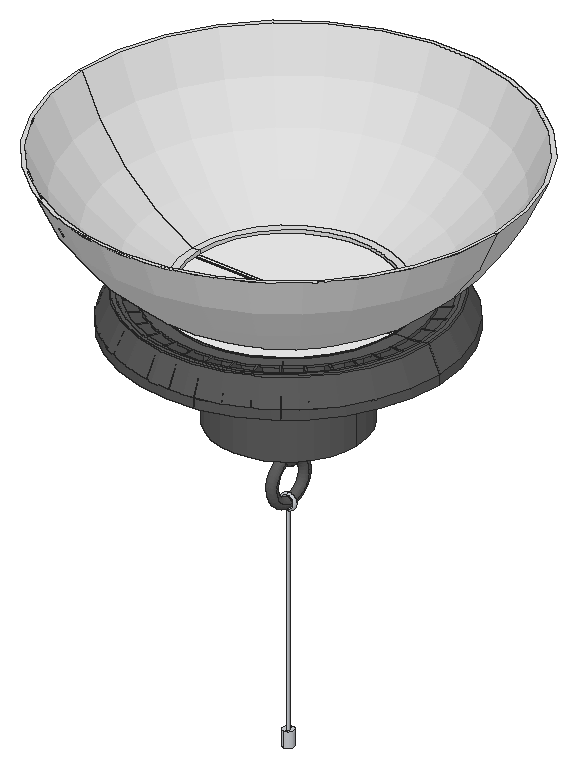
Revit family "0039345+0039356 Feilo Sylvania Lighting Fixture START HIGHBAY 4K 19KLM MEDIUM with ALU SHADE ALU COLOR FOR 13_19KLM", category Lighting Fixtures, host Face, Revit 2017
Family settings
  Host = Face
  Round Connector Dimension = Use Diameter
  Part Type = Normal
  OmniClass Number = 23.80.70.00
  OmniClass Title = Lighting
  Cut with Voids When Loaded = No
  Light Source = Yes
  Shared = No
  Room Calculation Point = No
Parameters (values of type "0039345+0039356 START HIGHBAY 4K 19KLM MEDIUM ALU SHADE ALU COLOR FOR 13/19KLM")
  WidthStraight_FEILO = if(SizeS_FEILO, 3 mm, if(SizeM_FEILO, 4 mm, 4.7 mm))  # 4 mm
  WidthRingChamfer_FEILO = if(SizeS_FEILO, 10.3 mm, if(SizeM_FEILO, 11.2 mm, 12.9 mm))  # 11.2 mm
  WidthCurved_FEILO = if(SizeS_FEILO, 17.4 mm, if(SizeM_FEILO, 16.4 mm, 26.2 mm))  # 16.4 mm
  WidthCurvedRing_FEILO = if(SizeS_FEILO, 3 mm, if(SizeM_FEILO, 4 mm, 4.7 mm))  # 4 mm
  WidthBracket_FEILO = 40 mm
  Weight = "3.4 kg"
  Wattage Comments = ""
  Wattage = 150 W
  WarrantyStartDate [instance] = "n/a"
  WarrantyGuarantorParts = "n/a"
  WarrantyDurationUnit = "n/a"
  WarrantyDurationParts = "n/a"
  WarrantyDescription = "n/a"
  built-in parameter 1150110 = 1 (stored number, unit not read)
  Voltage = 230 V
  VisibilityBracket_FEILO = no
  URL = "http://www.sylvania-lighting.com"
  TypeName = "START HIGHBAY 4K 19KLM MEDIUM ALU SHADE ALU COLOR FOR 13/19KLM"
  Type Image = <None>
  Type Comments = "n/a"
  built-in parameter 1114217 = 1 (stored number, unit not read)
  Tilt Angle = -90.00°
  ThicknessWall_FEILO = 1.5 mm
  ThicknessBracket_FEILO = 1.5 mm
  ThicknessBracketHalf_FEILO = ThicknessBracket_FEILO / 2  # 0.75 mm
  built-in parameter 1150109 = 1 (stored number, unit not read)
  built-in parameter 1150134 = 12
  SuspensionHeight_FEILO [instance] = 400 mm
  built-in parameter 1150113 = 1 (stored number, unit not read)
  SizeS_FEILO = no
  SizeM_FEILO = yes
  ShadeThickness_FEILO = 3 mm
  ShadeSizeSM_FEILO = or(SizeS_FEILO, SizeM_FEILO)  # yes
  ShadeRadiusOut_FEILO = 205 mm
  ShadeRadiusIn_FEILO = if(ShadeSizeSM_FEILO, 95 mm, 121 mm)  # 95 mm
  ShadeRadiusBend_FEILO = if(ShadeSizeSM_FEILO, 210 mm, 210 mm)  # 210 mm
  ShadeHeight_FEILO = if(ShadeSizeSM_FEILO, 120 mm, 151 mm)  # 120 mm
  SerialNumber [instance] = "n/a"
  Rib4_FEILO = if(SizeS_FEILO, 18.1 mm, if(SizeM_FEILO, 13.6 mm, 14.6 mm))  # 13.6 mm
  Rib3_FEILO = if(SizeS_FEILO, 15.3 mm, if(SizeM_FEILO, 17.6 mm, 20.2 mm))  # 17.6 mm
  Rib2_FEILO = if(SizeS_FEILO, 3.6 mm, if(SizeM_FEILO, 3.9 mm, 4.5 mm))  # 3.9 mm
  Rib1_FEILO = if(SizeS_FEILO, 15.1 mm, if(SizeM_FEILO, 16.5 mm, 19 mm))  # 16.5 mm
  RadiusDiffuser_FEILO = if(SizeS_FEILO, 95.2 mm, if(SizeM_FEILO, 105.3 mm, 120 mm))  # 105.3 mm
  RadiusArrayPost_FEILO = DriverRadius_FEILO - 6 mm  # 61.2 mm
  RHRadius3_FEILO = if(SizeS_FEILO, 6.6 mm, if(SizeM_FEILO, 7.4 mm, 8.6 mm))  # 7.4 mm
  RHRadius2_FEILO = if(SizeS_FEILO, 11 mm, if(SizeM_FEILO, 12 mm, 14 mm))  # 12 mm
  RHRadius1_FEILO = if(SizeS_FEILO, 13.6 mm, if(SizeM_FEILO, 14.9 mm, 17.7 mm))  # 14.9 mm
  RHHeight4_FEILO = if(SizeS_FEILO, 7.3 mm, if(SizeM_FEILO, 8 mm, 9.2 mm))  # 8 mm
  RHHeight3_FEILO = if(SizeS_FEILO, 3.6 mm, if(SizeM_FEILO, 3.7 mm, 4.6 mm))  # 3.7 mm
  RHHeight2_FEILO = if(SizeS_FEILO, 2 mm, if(SizeM_FEILO, 2.2 mm, 2.6 mm))  # 2.2 mm
  RHHeight1_FEILO = if(SizeS_FEILO, 11.8 mm, if(SizeM_FEILO, 15.3 mm, 17.4 mm))  # 15.3 mm
  Photometric Web File = "0039345+0039356.ies"
  Material_5_FEILO = Shade-Sylvania-StartHighbay-Alu
  Material_3_FEILO = LED-Sylvania-StartHighbay-Glow
  PowerFactor = 0.95
  PowerConsumption = "150 W"
  NominalLength = 296 mm
  NominalHeight = 177 mm
  NominalDepth = 296 mm
  Name = "START HIGHBAY 4K 19KLM MEDIUM ALU SHADE ALU COLOR FOR 13/19KLM"
  ModelReference = Name  # "START HIGHBAY 4K 19KLM MEDIUM ALU SHADE ALU COLOR FOR 13/19KLM"
  ModelNumber = "0039345+0039356"
  Model = Name  # "START HIGHBAY 4K 19KLM MEDIUM ALU SHADE ALU COLOR FOR 13/19KLM"
  Material = "aluminium alloy housing, polycarbonate diffuser"
  ManufacturerName = "Feilo Sylvania"
  Manufacturer = "Feilo Sylvania"
  LuminousEfficacy = "130 lm/W"
  built-in parameter 1150105 = 26502 (stored number, unit not read)
  Lumens = 19500 lm
  LuminaireType = ""
  built-in parameter 1150115 = 1 (stored number, unit not read)
  LightOutputRatio = "n/a"
  built-in parameter 1150137 = (empty or 0)
  built-in parameter 1150139 = (empty or 0)
  LampsType = Lamp  # "LED"
  LampNominalLuminous = "19500 lm"
  LampMacAdamStep = "n/a"
  LampColourTemperature = "4000 K"
  LampColourRenderingIndex = "80"
  built-in parameter 1150112 = 1 (stored number, unit not read)
  built-in parameter 1150114 = 1 (stored number, unit not read)
  Lamp = "LED"
  Keynote = "16500"
  InstallationDate [instance] = "n/a"
  InputVoltage = "220-240V~"
  InputNominalFrequency = "50/60 Hz"
  built-in parameter 1150132 = (empty or 0)
  built-in parameter 1150102 = (empty or 0)
  built-in parameter 1150107 = 4000 (stored number, unit not read)
  built-in parameter 1150138 = (empty or 0)
  IngressProtection = "IP65"
  ImpactProtectionIndex = "IK08"
  built-in parameter 1150106 = 265.02 (stored number, unit not read)
  IfcExportType = "IfcLightFixtureType"
  IfcExportAs = "IfcLightFixtureType"
  HeightRing_FEILO = if(SizeS_FEILO, 19.8 mm, if(SizeM_FEILO, 32 mm, 36.8 mm))  # 32 mm
  HeightRingChamfer_FEILO = if(SizeS_FEILO, 11.7 mm, if(SizeM_FEILO, 23.2 mm, 26.6 mm))  # 23.2 mm
  EyeThickness_FEILO = if(SizeS_FEILO, 8.4 mm, if(SizeM_FEILO, 9.2 mm, 10.5 mm))  # 9.2 mm
  EyeThicknessHalf_FEILO = EyeThickness_FEILO / 2  # 4.6 mm
  EyeInner_FEILO = if(SizeS_FEILO, 13.8 mm, if(SizeM_FEILO, 15.1 mm, 17.3 mm))  # 15.1 mm
  ExpectedLife = 50000
  Emit from Circle Diameter = RadiusDiffuser_FEILO * 2  # 210.6 mm
  Emit Shape Visible in Rendering = no
  ElectricShockClassification = "Class I"
  built-in parameter 1150104 = 12.077 (stored number, unit not read)
  DurationUnit = "hours"
  DriverVerticalStraight_FEILO = if(SizeS_FEILO, 46.5 mm, if(SizeM_FEILO, 49.7 mm, 57 mm))  # 49.7 mm
  DriverVerticalChamfer_FEILO = if(SizeS_FEILO, 7.5 mm, if(SizeM_FEILO, 8.2 mm, 9.5 mm))  # 8.2 mm
  DriverRadius_FEILO = if(SizeS_FEILO, 61.4 mm, if(SizeM_FEILO, 67.2 mm, 76.4 mm))  # 67.2 mm
  DriverRadiusTop_FEILO = if(SizeS_FEILO, 42 mm, if(SizeM_FEILO, 45.3 mm, 52.4 mm))  # 45.3 mm
  DriverBottom_FEILO = if(SizeS_FEILO, 56 mm, if(SizeM_FEILO, 64.5 mm, 74 mm))  # 64.5 mm
  DocumentationLiterature = "http://www.sylvania-lighting.com/product/en-int/products/0039345"
  DimmingControlOptions = "n/a"
  Material_2_FEILO = Diffuser-Sylvania-StartHighbay-Transparent
  Radius_FEILO = if(SizeS_FEILO, 135 mm, if(SizeM_FEILO, 148 mm, 169.5 mm))  # 148 mm
  Dimming Lamp Color Temperature Shift = <None>
  DiameterWire_FEILO = 3 mm
  DiameterWireSupport_FEILO = 10 mm
  Description = "START HIGHBAY, includes 1 m cables, black aluminium housing, 19500LM, 150W, 130lm/W, 4000K, Driver current: 3210mA, CR80, 60° beam angle, 1-10V dimmable,  IP65, IK08, 50,000 hrs (L70B50), (LxWxH) 296x296x177mm"
  Default Elevation = 1219.2 mm
  CreatedOn = "2/28/2018"
  CreatedBy = ""
  Cost = 0
  Color Filter = 16777215
  built-in parameter 1114216 [instance] = (empty or 0)
  ClassificationValue = "EF_70_80"
  ClassificationName = "Uniclass2015"
  Material_1_FEILO = Body-Sylvania-StartHighbay-Black
  BarCode [instance] = "n/a"
  built-in parameter 1114218 = 1 (stored number, unit not read)
  built-in parameter 1150133 = 10 (stored number, unit not read)
  AssetType = "Fixed"
  AssetIdentifier [instance] = "n/a"
  Assembly Code = "D5020200"
  Apparent Load = 150 VA
  Material_4_FEILO = Shade-Sylvania-StartHighbay-Alu
Reference planes
  plane 1 "Center (Front/Back)": y = 0
  plane 2: z = 0
  plane 3 "Center (Left/Right)": x = 0
  plane 4: z = 400
  plane 5: x = -148
  plane 6: x = -136.8
  plane 7: z = 376.8
  plane 8: z = 368
  plane 9: x = -132.8
  plane 10: z = 397.375
  plane 11: x = -116.4
  plane 12: x = -105.3
  plane 13: x = -128.8
  plane 14: z = 398.375
  plane 15: z = 396.375
  plane 16: x = -102.3
  plane 17: z = 395.375
  plane 18: x = -146.5
  plane 19: x = -131.5
  plane 20: z = 364.1
  plane 21: x = -113.9
  plane 22: z = 350.5
  plane 23: x = -20
  plane 24: z = 335.5
  plane 25: x = -67.2
  plane 26: z = 285.8
  plane 27: x = -45.3
  plane 28: z = 277.6
  plane 29: x = -14.9
  plane 30: z = 262.3
  plane 31: z = 260.1
  plane 32: x = -12
  plane 33: z = 256.4
  plane 34: z = 248.4
  plane 35: x = -7.4
  plane 36: z = 233.3
  plane 37: z = 218.2
  plane 38: x = 4.6
  plane 39: x = -4.6
  plane 40: z = 209
  plane 41: z = 213.6
  plane 42: x = -141.65
  plane 43: x = -145.5
  plane 44: z = 366.5
  plane 45: x = -135.3
  plane 46: z = 310.65
  plane 47: y = -20
  plane 48: y = 20
  plane 49: x = 148
  plane 50: x = 136.8
  plane 51: x = 146.5
  plane 52: x = 141.65
  plane 53: x = 145.5
  plane 54: x = 135.3
  plane 55: z = 221.2
  plane 56: y = 1.5
  plane 57: y = -1.5
  plane 58: z = 219.7
  plane 59: z = 207.5
  plane 60: z = 206
  plane 61: y = -5
  plane 62: y = 5
  plane 63: z = 14
  plane 64: x = -205
  plane 65: z = 520
  plane 66: x = -95
  plane 67: x = -87
  plane 68: x = -202
  plane 69: z = 403
Forms (mm)
  Revolve 1, solid, material "Body-Sylvania-StartHighbay-Black" <- "Material_1_FEILO", detail levels medium+fine
    sketch origin (0, 0, 0) x (1, 0, 0) y (0, 0, 1)
      loop
        line (-148, 368) -> (-146.5, 368) -> (-146.5, 376.457) -> (-136.402, 397.375) -> (-128.8, 397.375) -> (-128.8, 398.859)
        arc (-128.8, 398.859) -> (-130.811, 399.39) -> (-132.8, 400) r 52.543
        line (-132.8, 400) -> (-136.341, 400)
        arc (-136.341, 400) -> (-136.831, 399.825) -> (-137.099, 399.38) r 0.774
        line (-137.099, 399.38) -> (-148, 376.8) -> (-148, 368)
      axis (0, 400) -> (0, 368)
    angle from 360 to 0
  Revolve 2, solid, material "Body-Sylvania-StartHighbay-Black" <- "Material_1_FEILO", detail levels medium+fine
    sketch origin (0, 0, 0) x (1, 0, 0) y (0, 0, 1)
      loop
        line (-116.4, 395.375) -> (-105.3, 395.375) -> (-105.3, 376.8) -> (0, 376.8) -> (0, 395.375) -> (-102.3, 395.375) -> (-102.3, 396.375) -> (-105.3, 396.375) -> (-105.3, 397.375) -> (-116.4, 397.375) -> (-116.4, 395.375)
      axis (0, 397.375) -> (0, 376.8)
    angle from 360 to 0
  Revolve 3, solid, material "Diffuser-Sylvania-StartHighbay-Transparent" <- "Material_2_FEILO", detail levels medium+fine
    sketch origin (0, 0, 0) x (1, 0, 0) y (0, 0, 1)
      loop
        line (-105.3, 396.375) -> (0, 396.375) -> (0, 398.375) -> (-105.3, 398.375) -> (-105.3, 396.375)
      axis (0, 398.375) -> (0, 396.375)
    angle from 360 to 0
  Revolve 4, solid, material "Body-Sylvania-StartHighbay-Black" <- "Material_1_FEILO"
    sketch origin (0, 0, 0) x (1, 0, 0) y (0, 0, 1)
      loop
        line (-67.2, 350.5) -> (-67.2, 285.8) -> (-45.3, 277.6) -> (-14.9, 277.6) -> (-14.9, 262.3) -> (-12, 260.1) -> (-12, 256.4) -> (-7.837, 249.126)
        arc (-7.837, 249.126) -> (-7.29, 248.594) -> (-6.553, 248.4) r 1.5
        line (-6.553, 248.4) -> (0, 248.4) -> (0, 350.5) -> (-67.2, 350.5)
      axis (0, 350.5) -> (0, 248.4)
    angle from 360 to 0
  Revolve 5, solid, material "Body-Sylvania-StartHighbay-Black" <- "Material_1_FEILO"
    sketch origin (0, 0, 0) x (1, 0, 0) y (0, 0, 1)
      loop
        circle (0, 213.6) r 4.6
      axis (4.6, 233.3) -> (-4.6, 233.3)
    angle from 360 to 0
  Extrusion 6, solid, material "Body-Sylvania-StartHighbay-Black" <- "Material_1_FEILO", visible <- "VisibilityBracket_FEILO"
    sketch origin (0, 0, 0) x (1, 0, 0) y (0, 0, 1)
      loop
        line (-145.5, 368) -> (-145.5, 366.5) -> (-137.55, 366.5)
        arc (-137.55, 366.5) -> (-137.02, 366.28) -> (-136.8, 365.75) r 0.75
        line (-136.8, 365.75) -> (-136.8, 310.65) -> (-135.3, 310.65) -> (-135.3, 366.5)
        arc (-135.3, 366.5) -> (-135.739, 367.561) -> (-136.8, 368) r 1.5
        line (-136.8, 368) -> (-145.5, 368)
      loop
        line (145.5, 368) -> (136.8, 368)
        arc (136.8, 368) -> (135.739, 367.561) -> (135.3, 366.5) r 1.5
        line (135.3, 366.5) -> (135.3, 310.65) -> (136.8, 310.65) -> (136.8, 365.75)
        arc (136.8, 365.75) -> (137.02, 366.28) -> (137.55, 366.5) r 0.75
        line (137.55, 366.5) -> (145.5, 366.5) -> (145.5, 368)
    from -20 to 20
  Extrusion 7, void
    sketch origin (0, 0, 0) x (0, 1, 0) y (0, 0, 1)
      loop
        arc (-10, 310.65) -> (-17.071, 313.579) -> (-20, 320.65) r 10
        line (-20, 320.65) -> (-25, 320.65) -> (-25, 305.65) -> (-10, 305.65) -> (-10, 310.65)
      loop
        line (10, 310.65) -> (10, 305.65) -> (25, 305.65) -> (25, 320.65) -> (20, 320.65)
        arc (20, 320.65) -> (17.071, 313.579) -> (10, 310.65) r 10
    from -136.8 to 136.8
  Revolve 8, solid, material "Body-Sylvania-StartHighbay-Black" <- "Material_1_FEILO", detail levels coarse
    sketch origin (0, 0, 0) x (1, 0, 0) y (0, 0, 1)
      loop
        line (0, 400) -> (-136.8, 400) -> (-148, 376.8) -> (-148, 368) -> (-131.5, 368) -> (-131.5, 364.1) -> (-113.9, 350.5) -> (0, 350.5) -> (0, 400)
      axis (0, 400) -> (0, 350.5)
    angle from 360 to 0
  Revolve 9, solid
    sketch origin (0, 0, 0) x (0, 1, 0) y (0, 0, 1)
      loop
        circle (0, 219.7) r 1.5
      axis (1.5, 213.6) -> (-1.5, 213.6)
    angle from 360 to 0
  Revolve 10, solid
    sketch origin (0, 0, 0) x (0, 1, 0) y (0, 0, 1)
      loop
        line (0, 0) -> (0, 207.5) -> (-1.5, 207.5) -> (-1.5, 14) -> (-5, 14) -> (-5, 0) -> (0, 0)
      axis (0, 0) -> (0, 207.5)
    angle from 360 to 0
  Revolve 11, solid, material "Shade-Sylvania-StartHighbay-Alu" <- "Material_4_FEILO"
    sketch origin (0, 0, 0) x (1, 0, 0) y (0, 0, 1)
      loop
        line (-95, 400) -> (-87, 400) -> (-87, 403) -> (-94.341, 403)
        arc (-94.341, 403) -> (-159.747, 450.78) -> (-201.81, 520) r 207
        line (-201.81, 520) -> (-205, 520)
        arc (-205, 520) -> (-162.101, 448.908) -> (-95, 400) r 210
      axis (0, 520) -> (0, 400)
    angle from 360 to 0
Cuts and joins
  Extrusion 7 cuts Extrusion 6
Lines and regions (mm)
  reference lines
    curve 1: line (-148, 0, 376.8) -> (-136.8, 0, 400)
    curve 2: line (-116.4, 0, 397.375) -> (0, 0, 397.375)
    curve 3: arc (-116.4, 0, 397.375) -> (-124.704, 0, 398.035) -> (-132.8, 0, 400) r 52.543
    curve 4: line (-136.8, 0, 400) -> (-132.8, 0, 400)
    curve 5: line (-136.402, 0, 397.375) -> (-146.5, 0, 376.457)
    curve 6: line (-131.5, 0, 364.1) -> (-113.9, 0, 350.5)
    curve 7: line (-12, 0, 256.4) -> (-7.4, 0, 248.4)
    curve 8: circle (0, 0, 213.6) r 4.6 normal (0, -1, 0)
    curve 9: arc (-95, 0, 400) -> (-162.101, 0, 448.908) -> (-205, 0, 520) r 210
Dimensions and locks
  "Radius_FEILO": plane 3 "Center (Left/Right)" to plane 5
  "WidthRingChamfer_FEILO": plane 6 to plane 5
  "WidthStraight_FEILO": plane 9 to plane 6
  "WidthCurvedRing_FEILO": plane 13 to plane 9
  locked: plane 10 to plane 15 at 1
  locked: plane 14 to plane 10 at 1
  locked: plane 4 to plane 10 at 2.625
  locked: plane 15 to plane 17 at 1
  "ThicknessWall_FEILO": plane 18 to plane 5
  "ThicknessWall_FEILO": curve 5 to curve 1
  "HeightRingChamfer_FEILO": plane 4 to plane 7
  "HeightRing_FEILO": plane 4 to plane 8
  "RadiusDiffuser_FEILO": plane 3 "Center (Left/Right)" to plane 12
  locked: plane 16 to plane 12 at 3
  "WidthCurved_FEILO": plane 11 to plane 9
  "SuspensionHeight_FEILO": plane 4 to plane 2
  "Rib1_FEILO": plane 19 to plane 5
  "Rib2_FEILO": plane 8 to plane 20
  "Rib3_FEILO": plane 21 to plane 19
  "Rib4_FEILO": plane 20 to plane 22
  locked: plane 3 "Center (Left/Right)" to plane 23 at 20
  "DriverBottom_FEILO": plane 4 to plane 24
  "DriverRadius_FEILO": plane 3 "Center (Left/Right)" to plane 25
  "DriverVerticalStraight_FEILO": plane 24 to plane 26
  "DriverRadiusTop_FEILO": plane 3 "Center (Left/Right)" to plane 27
  "DriverVerticalChamfer_FEILO": plane 26 to plane 28
  "RHRadius1_FEILO": plane 3 "Center (Left/Right)" to plane 29
  "RHHeight2_FEILO": plane 30 to plane 31
  "RHRadius2_FEILO": plane 3 "Center (Left/Right)" to plane 32
  "RHHeight3_FEILO": plane 31 to plane 33
  "RHHeight4_FEILO": plane 33 to plane 34
  "RHRadius3_FEILO": plane 3 "Center (Left/Right)" to plane 35
  "RHHeight1_FEILO": plane 28 to plane 30
  "EyeInner_FEILO": plane 34 to plane 36
  "EyeInner_FEILO": plane 36 to plane 37
  equal spacing: plane 38, plane 3 "Center (Left/Right)", plane 39
  "EyeThickness_FEILO": plane 38 to plane 39
  "EyeThickness_FEILO": plane 37 to plane 40
  equal spacing: plane 37, plane 41, plane 40
  equal spacing: plane 6, plane 42, plane 18
  "ThicknessBracket_FEILO": plane 45 to plane 6
  "ThicknessBracket_FEILO": plane 8 to plane 44
  locked: plane 43 to plane 18 at 1
  equal spacing: plane 24, plane 46, plane 26
  equal spacing: plane 47, plane 1 "Center (Front/Back)", plane 48
  "WidthBracket_FEILO": plane 47 to plane 48
  "WidthRingChamfer_FEILO": plane 50 to plane 49
  "ThicknessWall_FEILO": plane 51 to plane 49
  equal spacing: plane 50, plane 52, plane 51
  "ThicknessBracket_FEILO": plane 54 to plane 50
  locked: plane 53 to plane 51 at 1
  "Radius_FEILO": plane 49 to plane 3 "Center (Left/Right)"
  equal spacing: plane 57, imposter light, plane 56
  "DiameterWire_FEILO": plane 57 to plane 56
  "DiameterWire_FEILO": plane 37 to plane 55
  equal spacing: plane 37, plane 58, plane 55
  "DiameterWire_FEILO": plane 60 to plane 40
  equal spacing: plane 60, plane 59, plane 40
  equal spacing: plane 61, plane 1 "Center (Front/Back)", plane 62
  "DiameterWireSupport_FEILO": plane 61 to plane 62
  locked: plane 63 to plane 2 at 14
  "ShadeRadiusOut_FEILO": plane 3 "Center (Left/Right)" to plane 64
  "ShadeHeight_FEILO": plane 65 to plane 4
  "ShadeRadiusIn_FEILO": plane 3 "Center (Left/Right)" to plane 66
  locked: plane 67 to plane 66 at 8
  "ShadeThickness_FEILO": plane 69 to plane 4
  "ShadeThickness_FEILO": plane 68 to plane 64
  "EyeThicknessHalf_FEILO": radius of curve 8
  "ThicknessBracket_FEILO": radius of Extrusion 6 sketch curve  (x2)
  "ThicknessBracketHalf_FEILO": radius of Extrusion 6 sketch curve  (x2)
  "DiameterWire_FEILO": diameter of Revolve 9 sketch curve
  "ShadeRadiusBend_FEILO": radius of curve 9
  aligned and locked: plane 2 to host face
  aligned and locked: level to host face
  aligned and locked: plane 5 to curve 1
  aligned and locked: plane 6 to curve 1
  aligned and locked: plane 7 to curve 1
  aligned and locked: plane 10 to curve 2
  aligned and locked: plane 9 to curve 3
  aligned and locked: plane 4 to curve 3
  aligned and locked: plane 11 to curve 3
  aligned and locked: plane 4 to curve 4
  aligned and locked: plane 18 to curve 5
  aligned and locked: plane 10 to curve 5
  aligned and locked: Revolve 1 sketch curve to plane 3 "Center (Left/Right)"
  aligned and locked: Revolve 1 sketch curve to curve 3
  aligned and locked: Revolve 1 sketch curve to curve 1
  aligned and locked: plane 4 to Revolve 1 sketch curve
  aligned and locked: plane 9 to Revolve 1 sketch curve
  aligned and locked: Revolve 1 sketch curve to plane 13
  aligned and locked: Revolve 1 sketch curve to plane 10
  aligned and locked: plane 13 to Revolve 1 sketch curve
  aligned and locked: plane 10 to Revolve 1 sketch curve
  aligned and locked: Revolve 1 sketch curve to plane 18
  aligned and locked: Revolve 1 sketch curve to plane 8
  aligned and locked: plane 5 to Revolve 1 sketch curve  (x2)
  aligned and locked: Revolve 2 sketch curve to plane 3 "Center (Left/Right)"
  aligned and locked: plane 11 to Revolve 2 sketch curve
  aligned and locked: Revolve 2 sketch curve to curve 2
  aligned and locked: plane 15 to Revolve 2 sketch curve
  aligned and locked: Revolve 2 sketch curve to plane 16
  aligned and locked: plane 17 to Revolve 2 sketch curve  (x2)
  aligned and locked: Revolve 2 sketch curve to plane 12
  aligned and locked: plane 7 to Revolve 2 sketch curve
  aligned and locked: Revolve 3 sketch curve to plane 3 "Center (Left/Right)"
  aligned and locked: Revolve 3 sketch curve to plane 14
  aligned and locked: plane 3 "Center (Left/Right)" to Revolve 3 sketch curve
  aligned and locked: Revolve 3 sketch curve to plane 12
  aligned and locked: plane 15 to Revolve 3 sketch curve
  aligned and locked: Revolve 1 sketch curve to curve 5
  aligned and locked: plane 22 to curve 6
  aligned and locked: plane 21 to curve 6
  aligned and locked: plane 20 to curve 6
  aligned and locked: plane 19 to curve 6
  aligned and locked: plane 33 to curve 7
  aligned and locked: plane 32 to curve 7
  aligned and locked: plane 35 to curve 7
  aligned and locked: plane 34 to curve 7
  aligned and locked: Revolve 4 sketch curve to plane 3 "Center (Left/Right)"
  aligned and locked: Revolve 4 sketch curve to plane 25
  aligned and locked: plane 27 to Revolve 4 sketch curve
  aligned and locked: plane 28 to Revolve 4 sketch curve
  aligned and locked: plane 30 to Revolve 4 sketch curve
  aligned and locked: Revolve 4 sketch curve to plane 29
  aligned and locked: plane 31 to Revolve 4 sketch curve
  aligned and locked: Revolve 4 sketch curve to curve 7
  aligned and locked: Revolve 4 sketch curve to plane 32
  aligned and locked: plane 34 to Revolve 4 sketch curve
  aligned and locked: plane 3 "Center (Left/Right)" to Revolve 4 sketch curve
  aligned and locked: plane 3 "Center (Left/Right)" to curve 8
  aligned and locked: plane 41 to curve 8
  aligned and locked: Revolve 5 sketch curve to plane 36
  aligned and locked: Revolve 5 sketch curve to curve 8
  aligned and locked: plane 43 to Extrusion 6 sketch curve  (x2)
  aligned and locked: plane 8 to Extrusion 6 sketch curve  (x3)
  aligned and locked: Extrusion 6 sketch curve to plane 45
  aligned and locked: Extrusion 6 sketch curve to plane 46  (x2)
  aligned and locked: plane 6 to Extrusion 6 sketch curve
  aligned and locked: Extrusion 6 sketch curve to plane 44  (x2)
  aligned and locked: Extrusion 6 to plane 48
  aligned and locked: plane 47 to Extrusion 6
  aligned and locked: plane 53 to Extrusion 6 sketch curve
  aligned and locked: plane 50 to Extrusion 6 sketch curve
  aligned and locked: Extrusion 6 sketch curve to plane 54
  aligned and locked: Extrusion 7 sketch curve to Extrusion 7 sketch curve
  aligned and locked: Extrusion 7 to plane 6
  aligned and locked: Extrusion 7 to Extrusion 6
  aligned and locked: Revolve 4 sketch curve to plane 22
  aligned and locked: plane 23 to nested 1
  aligned and locked: plane 1 "Center (Front/Back)" to nested 1
  aligned and locked: Revolve 8 sketch curve to plane 3 "Center (Left/Right)"
  aligned and locked: Revolve 8 sketch curve to plane 4
  aligned and locked: plane 6 to Revolve 8 sketch curve
  aligned and locked: plane 4 to Revolve 8 sketch curve
  aligned and locked: plane 7 to Revolve 8 sketch curve
  aligned and locked: Revolve 8 sketch curve to plane 5
  aligned and locked: plane 8 to Revolve 8 sketch curve  (x2)
  aligned and locked: Revolve 8 sketch curve to plane 19
  aligned and locked: plane 20 to Revolve 8 sketch curve
  aligned and locked: plane 19 to Revolve 8 sketch curve
  aligned and locked: plane 21 to Revolve 8 sketch curve
  aligned and locked: plane 22 to Revolve 8 sketch curve  (x2)
  aligned and locked: Revolve 8 sketch curve to Revolve 8 sketch curve
  aligned and locked: imposter light to plane 4
  aligned and locked: plane 3 "Center (Left/Right)" to imposter light
  aligned and locked: imposter light to plane 1 "Center (Front/Back)"
  aligned and locked: Revolve 9 sketch curve to plane 41
  aligned and locked: Revolve 10 sketch curve to plane 1 "Center (Front/Back)"
  aligned and locked: plane 1 "Center (Front/Back)" to Revolve 10 sketch curve  (x2)
  aligned and locked: host face to Revolve 10 sketch curve
  aligned and locked: plane 63 to Revolve 10 sketch curve
  aligned and locked: Revolve 10 sketch curve to plane 61
  aligned and locked: Revolve 10 sketch curve to plane 57
  aligned and locked: plane 59 to Revolve 10 sketch curve
  aligned and locked: plane 64 to curve 9
  aligned and locked: plane 65 to curve 9
  aligned and locked: plane 66 to curve 9
  aligned and locked: plane 4 to curve 9
  aligned and locked: Revolve 11 sketch curve to curve 9
  aligned and locked: plane 67 to Revolve 11 sketch curve
  aligned and locked: plane 66 to Revolve 11 sketch curve
  aligned and locked: plane 65 to Revolve 11 sketch curve  (x2)
  aligned and locked: Revolve 11 sketch curve to plane 67
  aligned and locked: plane 69 to Revolve 11 sketch curve
Automatic sketch dimensions
  host sketch curve to host sketch curve = 2438.4 mm  (x2)
  Revolve 1 sketch curve to plane 6 = 0.299 mm
  plane 6 to Revolve 1 sketch curve = 0.459 mm
  Revolve 1 sketch curve to level = 609.6 mm
  Revolve 1 sketch curve to Revolve 1 sketch curve = 2312.223 mm
  Revolve 2 sketch curve to plane 12 = 0 mm
  Revolve 2 sketch curve to plane 3 "Center (Left/Right)" = 0 mm
  Revolve 2 sketch curve to level = 609.6 mm
  Revolve 2 sketch curve to plane 4 = 2339.058 mm
  Revolve 3 sketch curve to level = 609.6 mm
  Revolve 3 sketch curve to plane 4 = 2339.058 mm
  Revolve 5 sketch curve to plane 5 = 1080 mm
  plane 38 to Revolve 5 sketch curve = 1219.2 mm
  Extrusion 7 sketch curve to plane 47 = 0 mm
  plane 46 to Extrusion 7 sketch curve = 0 mm  (x2)
  Extrusion 7 sketch curve to plane 48 = 0 mm
  plane 47 to Extrusion 7 sketch curve = 5 mm
  plane 1 "Center (Front/Back)" to Extrusion 7 sketch curve = 10 mm
  Extrusion 7 sketch curve to Extrusion 7 sketch curve = 10 mm
  plane 46 to Extrusion 7 sketch curve = 5 mm
  Extrusion 7 sketch curve to Extrusion 7 sketch curve = 5 mm
  Extrusion 7 sketch curve to plane 48 = 5 mm
  Revolve 4 sketch curve to plane 26 = 0 mm
  Revolve 4 sketch curve to plane 35 = 0.437 mm
  plane 35 to Revolve 4 sketch curve = 0.847 mm
  Revolve 4 sketch curve to plane 34 = 0.726 mm
  plane 40 to Revolve 4 sketch curve = 590.2 mm
  Revolve 4 sketch curve to plane 4 = 2339.058 mm
  Revolve 8 sketch curve to level = 609.6 mm
  Revolve 8 sketch curve to Revolve 8 sketch curve = 2386.058 mm
  Revolve 9 sketch curve to plane 1 "Center (Front/Back)" = 0 mm
  plane 58 to Revolve 9 sketch curve = 0 mm
  plane 47 to Revolve 9 sketch curve = 2534.941 mm
  Revolve 9 sketch curve to plane 48 = 2077.409 mm
  Revolve 10 sketch curve to Revolve 10 sketch curve = 609.6 mm
  Revolve 10 sketch curve to plane 4 = 2123.807 mm
  curve 2 to plane 3 "Center (Left/Right)" = 0 mm
  Revolve 11 sketch curve to Revolve 11 sketch curve = 0 mm  (x2)
  Revolve 11 sketch curve to plane 3 "Center (Left/Right)" = 0 mm
  plane 66 to Revolve 11 sketch curve = 0.659 mm
  Revolve 11 sketch curve to level = 609.6 mm
  Revolve 11 sketch curve to Revolve 11 sketch curve = 2068.248 mm
Nested families
  nested 1: "Start Highbay Rib" at (0, 0, 397.375), type "Type Name", detail levels medium+fine
    with SuspensionHeight_FEILO 2.6 mm
  nested 2: "Start Highbay Rib" at (0, 0, 397.375) x (0.9877, 0.1564, 0) z (0, 0, 1), type "Type Name", detail levels medium+fine
    with SuspensionHeight_FEILO 2.6 mm
  nested 3: "Start Highbay Rib" at (0, 0, 397.375) x (0.9511, 0.309, 0) z (0, 0, 1), type "Type Name", detail levels medium+fine
    with SuspensionHeight_FEILO 2.6 mm
  nested 4: "Start Highbay Rib" at (0, 0, 397.375) x (0.891, 0.454, 0) z (0, 0, 1), type "Type Name", detail levels medium+fine
    with SuspensionHeight_FEILO 2.6 mm
  nested 5: "Start Highbay Rib" at (0, 0, 397.375) x (0.809, 0.5878, 0) z (0, 0, 1), type "Type Name", detail levels medium+fine
    with SuspensionHeight_FEILO 2.6 mm
  nested 6: "Start Highbay Rib" at (0, 0, 397.375) x (0.7071, 0.7071, 0) z (0, 0, 1), type "Type Name", detail levels medium+fine
    with SuspensionHeight_FEILO 2.6 mm
  nested 7: "Start Highbay Rib" at (0, 0, 397.375) x (0.5878, 0.809, 0) z (0, 0, 1), type "Type Name", detail levels medium+fine
    with SuspensionHeight_FEILO 2.6 mm
  nested 8: "Start Highbay Rib" at (0, 0, 397.375) x (0.454, 0.891, 0) z (0, 0, 1), type "Type Name", detail levels medium+fine
    with SuspensionHeight_FEILO 2.6 mm
  nested 9: "Start Highbay Rib" at (0, 0, 397.375) x (0.309, 0.9511, 0) z (0, 0, 1), type "Type Name", detail levels medium+fine
    with SuspensionHeight_FEILO 2.6 mm
  nested 10: "Start Highbay Rib" at (0, 0, 397.375) x (0.1564, 0.9877, 0) z (0, 0, 1), type "Type Name", detail levels medium+fine
    with SuspensionHeight_FEILO 2.6 mm
  nested 11: "Start Highbay Rib" at (0, 0, 397.375) x (0, 1, 0) z (0, 0, 1), type "Type Name", detail levels medium+fine
    with SuspensionHeight_FEILO 2.6 mm
  nested 12: "Start Highbay Rib" at (0, 0, 397.375) x (-0.1564, 0.9877, 0) z (0, 0, 1), type "Type Name", detail levels medium+fine
    with SuspensionHeight_FEILO 2.6 mm
  nested 13: "Start Highbay Rib" at (0, 0, 397.375) x (-0.309, 0.9511, 0) z (0, 0, 1), type "Type Name", detail levels medium+fine
    with SuspensionHeight_FEILO 2.6 mm
  nested 14: "Start Highbay Rib" at (0, 0, 397.375) x (-0.454, 0.891, 0) z (0, 0, 1), type "Type Name", detail levels medium+fine
    with SuspensionHeight_FEILO 2.6 mm
  nested 15: "Start Highbay Rib" at (0, 0, 397.375) x (-0.5878, 0.809, 0) z (0, 0, 1), type "Type Name", detail levels medium+fine
    with SuspensionHeight_FEILO 2.6 mm
  nested 16: "Start Highbay Rib" at (0, 0, 397.375) x (-0.7071, 0.7071, 0) z (0, 0, 1), type "Type Name", detail levels medium+fine
    with SuspensionHeight_FEILO 2.6 mm
  nested 17: "Start Highbay Rib" at (0, 0, 397.375) x (-0.809, 0.5878, 0) z (0, 0, 1), type "Type Name", detail levels medium+fine
    with SuspensionHeight_FEILO 2.6 mm
  nested 18: "Start Highbay Rib" at (0, 0, 397.375) x (-0.891, 0.454, 0) z (0, 0, 1), type "Type Name", detail levels medium+fine
    with SuspensionHeight_FEILO 2.6 mm
  nested 19: "Start Highbay Rib" at (0, 0, 397.375) x (-0.9511, 0.309, 0) z (0, 0, 1), type "Type Name", detail levels medium+fine
    with SuspensionHeight_FEILO 2.6 mm
  nested 20: "Start Highbay Rib" at (0, 0, 397.375) x (-0.9877, 0.1564, 0) z (0, 0, 1), type "Type Name", detail levels medium+fine
    with SuspensionHeight_FEILO 2.6 mm
  nested 21: "Start Highbay Rib" at (0, 0, 397.375) x (-1, 0, 0) z (0, 0, 1), type "Type Name", detail levels medium+fine
    with SuspensionHeight_FEILO 2.6 mm
  nested 22: "Start Highbay Rib" at (0, 0, 397.375) x (-0.9877, -0.1564, 0) z (0, 0, 1), type "Type Name", detail levels medium+fine
    with SuspensionHeight_FEILO 2.6 mm
  nested 23: "Start Highbay Rib" at (0, 0, 397.375) x (-0.9511, -0.309, 0) z (0, 0, 1), type "Type Name", detail levels medium+fine
    with SuspensionHeight_FEILO 2.6 mm
  nested 24: "Start Highbay Rib" at (0, 0, 397.375) x (-0.891, -0.454, 0) z (0, 0, 1), type "Type Name", detail levels medium+fine
    with SuspensionHeight_FEILO 2.6 mm
  nested 25: "Start Highbay Rib" at (0, 0, 397.375) x (-0.809, -0.5878, 0) z (0, 0, 1), type "Type Name", detail levels medium+fine
    with SuspensionHeight_FEILO 2.6 mm
  nested 26: "Start Highbay Rib" at (0, 0, 397.375) x (-0.7071, -0.7071, 0) z (0, 0, 1), type "Type Name", detail levels medium+fine
    with SuspensionHeight_FEILO 2.6 mm
  nested 27: "Start Highbay Rib" at (0, 0, 397.375) x (-0.5878, -0.809, 0) z (0, 0, 1), type "Type Name", detail levels medium+fine
    with SuspensionHeight_FEILO 2.6 mm
  nested 28: "Start Highbay Rib" at (0, 0, 397.375) x (-0.454, -0.891, 0) z (0, 0, 1), type "Type Name", detail levels medium+fine
    with SuspensionHeight_FEILO 2.6 mm
  nested 29: "Start Highbay Rib" at (0, 0, 397.375) x (-0.309, -0.9511, 0) z (0, 0, 1), type "Type Name", detail levels medium+fine
    with SuspensionHeight_FEILO 2.6 mm
  nested 30: "Start Highbay Rib" at (0, 0, 397.375) x (-0.1564, -0.9877, 0) z (0, 0, 1), type "Type Name", detail levels medium+fine
    with SuspensionHeight_FEILO 2.6 mm
  nested 31: "Start Highbay Rib" at (0, 0, 397.375) x (0, -1, 0) z (0, 0, 1), type "Type Name", detail levels medium+fine
    with SuspensionHeight_FEILO 2.6 mm
  nested 32: "Start Highbay Rib" at (0, 0, 397.375) x (0.1564, -0.9877, 0) z (0, 0, 1), type "Type Name", detail levels medium+fine
    with SuspensionHeight_FEILO 2.6 mm
  nested 33: "Start Highbay Rib" at (0, 0, 397.375) x (0.309, -0.9511, 0) z (0, 0, 1), type "Type Name", detail levels medium+fine
    with SuspensionHeight_FEILO 2.6 mm
  nested 34: "Start Highbay Rib" at (0, 0, 397.375) x (0.454, -0.891, 0) z (0, 0, 1), type "Type Name", detail levels medium+fine
    with SuspensionHeight_FEILO 2.6 mm
  nested 35: "Start Highbay Rib" at (0, 0, 397.375) x (0.5878, -0.809, 0) z (0, 0, 1), type "Type Name", detail levels medium+fine
    with SuspensionHeight_FEILO 2.6 mm
  nested 36: "Start Highbay Rib" at (0, 0, 397.375) x (0.7071, -0.7071, 0) z (0, 0, 1), type "Type Name", detail levels medium+fine
    with SuspensionHeight_FEILO 2.6 mm
  nested 37: "Start Highbay Rib" at (0, 0, 397.375) x (0.809, -0.5878, 0) z (0, 0, 1), type "Type Name", detail levels medium+fine
    with SuspensionHeight_FEILO 2.6 mm
  nested 38: "Start Highbay Rib" at (0, 0, 397.375) x (0.891, -0.454, 0) z (0, 0, 1), type "Type Name", detail levels medium+fine
    with SuspensionHeight_FEILO 2.6 mm
  nested 39: "Start Highbay Rib" at (0, 0, 397.375) x (0.9511, -0.309, 0) z (0, 0, 1), type "Type Name", detail levels medium+fine
    with SuspensionHeight_FEILO 2.6 mm
  nested 40: "Start Highbay Rib" at (0, 0, 397.375) x (0.9877, -0.1564, 0) z (0, 0, 1), type "Type Name", detail levels medium+fine
    with SuspensionHeight_FEILO 2.6 mm
Connectors
  electrical at (0, 0, 0), driven by "Apparent Load", driven by "PowerFactor", driven by "Voltage"
    settings: index 1, voltage 230 V, apparent load 150 VA, apparent load phase1 0 VA, apparent load phase2 0 VA, apparent load phase3 0 VA, power factor 0.95, load classification "Lighting", number of poles 1, system type 30, power factor state 1, is connector primary yes, connector utility no, sub classification motor no, connector description ""
Definition of nested family "Start Highbay Rib"
  Parameters (values of type "Type Name")
    WidthStraight_FEILO = if(SizeS_FEILO, 3 mm, if(SizeM_FEILO, 4 mm, 4.7 mm))  # 3 mm
    WidthRingChamfer_FEILO = if(SizeS_FEILO, 10.3 mm, if(SizeM_FEILO, 11.2 mm, 12.9 mm))  # 10.3 mm
    WidthCurved_FEILO = if(SizeS_FEILO, 17.4 mm, if(SizeM_FEILO, 16.4 mm, 26.2 mm))  # 17.4 mm
    WidthCurvedRing_FEILO = if(SizeS_FEILO, 3 mm, if(SizeM_FEILO, 4 mm, 4.7 mm))  # 3 mm
    WidthBracket_FEILO = 40 mm
    URL = "http://www.feilosylvania.com"
    Type Image = (empty or 0)
    Type Comments = "n/a"
    ThicknessWall_FEILO = 1.5 mm
    ThicknessBracket_FEILO = 1.5 mm
    ThicknessBracketHalf_FEILO = ThicknessBracket_FEILO / 2  # 0.75 mm
    SuspensionHeight_FEILO [instance] = 2.6 mm
    SizeS_FEILO = yes
    SizeM_FEILO = no
    Rib4_FEILO = if(SizeS_FEILO, 18.1 mm, if(SizeM_FEILO, 13.6 mm, 14.6 mm))  # 18.1 mm
    Rib3_FEILO = if(SizeS_FEILO, 15.3 mm, if(SizeM_FEILO, 17.6 mm, 20.2 mm))  # 15.3 mm
    Rib2_FEILO = if(SizeS_FEILO, 3.6 mm, if(SizeM_FEILO, 3.9 mm, 4.5 mm))  # 3.6 mm
    Rib1_FEILO = if(SizeS_FEILO, 15.1 mm, if(SizeM_FEILO, 16.5 mm, 19 mm))  # 15.1 mm
    RadiusRib_FEILO = 2 mm
    RadiusDiffuser_FEILO = if(SizeS_FEILO, 95.2 mm, if(SizeM_FEILO, 105.3 mm, 120 mm))  # 95.2 mm
    RHRadius3_FEILO = if(SizeS_FEILO, 6.6 mm, if(SizeM_FEILO, 7.4 mm, 8.6 mm))  # 6.6 mm
    RHRadius2_FEILO = if(SizeS_FEILO, 11 mm, if(SizeM_FEILO, 12 mm, 14 mm))  # 11 mm
    RHRadius1_FEILO = if(SizeS_FEILO, 13.6 mm, if(SizeM_FEILO, 14.9 mm, 17.7 mm))  # 13.6 mm
    RHHeight4_FEILO = if(SizeS_FEILO, 7.3 mm, if(SizeM_FEILO, 8 mm, 9.2 mm))  # 7.3 mm
    RHHeight3_FEILO = if(SizeS_FEILO, 3.6 mm, if(SizeM_FEILO, 3.7 mm, 4.6 mm))  # 3.6 mm
    RHHeight2_FEILO = if(SizeS_FEILO, 2 mm, if(SizeM_FEILO, 2.2 mm, 2.6 mm))  # 2 mm
    RHHeight1_FEILO = if(SizeS_FEILO, 11.8 mm, if(SizeM_FEILO, 15.3 mm, 17.4 mm))  # 11.8 mm
    Material_3_FEILO = none
    Model = ""
    Manufacturer = "Feilo Sylvania"
    Keynote = "16500"
    HeightRing_FEILO = if(SizeS_FEILO, 19.8 mm, if(SizeM_FEILO, 32 mm, 36.8 mm))  # 19.8 mm
    HeightRingChamfer_FEILO = if(SizeS_FEILO, 11.7 mm, if(SizeM_FEILO, 23.2 mm, 26.6 mm))  # 11.7 mm
    EyeThickness_FEILO = if(SizeS_FEILO, 8.4 mm, if(SizeM_FEILO, 9.2 mm, 10.5 mm))  # 8.4 mm
    EyeThicknessHalf_FEILO = EyeThickness_FEILO / 2  # 4.2 mm
    EyeInner_FEILO = if(SizeS_FEILO, 13.8 mm, if(SizeM_FEILO, 15.1 mm, 17.3 mm))  # 13.8 mm
    DriverVerticalStraight_FEILO = if(SizeS_FEILO, 46.5 mm, if(SizeM_FEILO, 49.7 mm, 57 mm))  # 46.5 mm
    DriverVerticalChamfer_FEILO = if(SizeS_FEILO, 7.5 mm, if(SizeM_FEILO, 8.2 mm, 9.5 mm))  # 7.5 mm
    DriverRadius_FEILO = if(SizeS_FEILO, 61.4 mm, if(SizeM_FEILO, 67.2 mm, 76.4 mm))  # 61.4 mm
    DriverRadiusTop_FEILO = if(SizeS_FEILO, 42 mm, if(SizeM_FEILO, 45.3 mm, 52.4 mm))  # 42 mm
    DriverBottom_FEILO = if(SizeS_FEILO, 56 mm, if(SizeM_FEILO, 64.5 mm, 74 mm))  # 56 mm
    Material_2_FEILO = none
    Radius_FEILO = if(SizeS_FEILO, 135 mm, if(SizeM_FEILO, 148 mm, 169.5 mm))  # 135 mm
    Description = ""
    Default Elevation = 1219.2 mm
    Cost = 0
    Material_1_FEILO = none
    Assembly Code = "D5020200"
    Material_4_FEILO = none
  Reference planes
    plane 1 "Center (Front/Back)": y = 0
    plane 2: z = 0
    plane 3 "Center (Left/Right)": x = 0
    plane 4: z = 2.6
    plane 5: x = -135
    plane 6: x = -124.7
    plane 7: z = -9.1
    plane 8: z = -17.2
    plane 9: x = -121.7
    plane 10: z = -0.025
    plane 11: x = -104.3
    plane 12: x = -95.2
    plane 13: x = -118.7
    plane 14: z = 0.975
    plane 15: z = -1.025
    plane 16: x = -92.2
    plane 17: z = -2.025
    plane 18: x = -133.5
    plane 19: x = -119.9
    plane 20: z = -20.8
    plane 21: x = -104.6
    plane 22: z = -38.9
    plane 23: x = -20
    plane 24: z = -53.4
    plane 25: x = -61.4
    plane 26: z = -99.9
    plane 27: x = -42
    plane 28: z = -107.4
    plane 29: x = -13.6
    plane 30: z = -119.2
    plane 31: z = -121.2
    plane 32: x = -11
    plane 33: z = -124.8
    plane 34: z = -132.1
    plane 35: x = -6.6
    plane 36: z = -145.9
    plane 37: z = -159.7
    plane 38: x = 4.2
    plane 39: x = -4.2
    plane 40: z = -168.1
    plane 41: z = -163.9
    plane 42: x = -129.1
    plane 43: x = -132.5
    plane 44: z = -18.7
    plane 45: x = -123.2
    plane 46: z = -76.65
    plane 47: y = -20
    plane 48: y = 20
    plane 49: x = 135
    plane 50: x = 124.7
    plane 51: x = 133.5
    plane 52: x = 129.1
    plane 53: x = 132.5
    plane 54: x = 123.2
    plane 55: y = 0.75
    plane 56: y = -0.75
  Forms (mm)
    Extrusion 1, solid
      sketch origin (4.2, 0, 0) x (1, 0, 0) y (0, 1, 0)
        loop
          line (-1219.2, 1219.2) -> (-1219.2, -1219.2) -> (1219.2, -1219.2) -> (1219.2, 1219.2) -> (-1219.2, 1219.2)
      from 0 to -68.017
    Extrusion 2, solid, material <- "Material_1_FEILO"
      sketch origin (0, 0, 0) x (1, 0, 0) y (0, 0, 1)
        loop
          arc (-104.3, -0.025) -> (-111.555, 0.423) -> (-118.7, 1.76) r 58.981
          line (-118.7, 1.76) -> (-118.7, -0.025) -> (-125.012, -0.025) -> (-133.5, -9.666) -> (-133.5, -17.2) -> (-119.9, -17.2) -> (-119.9, -20.068)
          arc (-119.9, -20.068) -> (-119.778, -20.755) -> (-119.427, -21.359) r 2
          line (-119.427, -21.359) -> (-104.966, -38.467)
          arc (-104.966, -38.467) -> (-104.381, -38.789) -> (-103.723, -38.9) r 2
          line (-103.723, -38.9) -> (-20, -38.9) -> (-20, -9.1) -> (-95.2, -9.1) -> (-95.2, -2.025) -> (-104.3, -2.025) -> (-104.3, -0.025)
      from -0.75 to 0.75
  Lines and regions (mm)
    reference lines
      curve 1: line (-135, 0, -9.1) -> (-124.7, 0, 2.6)
      curve 2: line (-104.3, 0, -0.025) -> (0, 0, -0.025)
      curve 3: arc (-104.3, 0, -0.025) -> (-113.098, 0, 0.635) -> (-121.7, 0, 2.6) r 58.981
      curve 4: line (-124.7, 0, 2.6) -> (-121.7, 0, 2.6)
      curve 5: line (-125.012, 0, -0.025) -> (-133.5, 0, -9.666)
      curve 6: line (-119.9, 0, -20.8) -> (-104.6, 0, -38.9)
  Dimensions and locks
    "Radius_FEILO": plane 3 "Center (Left/Right)" to plane 5
    "WidthRingChamfer_FEILO": plane 6 to plane 5
    "WidthStraight_FEILO": plane 9 to plane 6
    "WidthCurvedRing_FEILO": plane 13 to plane 9
    locked: plane 10 to plane 15 at 1
    locked: plane 14 to plane 10 at 1
    locked: plane 4 to plane 10 at 2.625
    locked: plane 15 to plane 17 at 1
    "ThicknessWall_FEILO": plane 18 to plane 5
    "ThicknessWall_FEILO": curve 5 to curve 1
    "HeightRingChamfer_FEILO": plane 4 to plane 7
    "HeightRing_FEILO": plane 4 to plane 8
    "RadiusDiffuser_FEILO": plane 3 "Center (Left/Right)" to plane 12
    locked: plane 16 to plane 12 at 3
    "WidthCurved_FEILO": plane 11 to plane 9
    "SuspensionHeight_FEILO": plane 4 to plane 2
    "Rib1_FEILO": plane 19 to plane 5
    "Rib2_FEILO": plane 8 to plane 20
    "Rib3_FEILO": plane 21 to plane 19
    "Rib4_FEILO": plane 20 to plane 22
    locked: plane 3 "Center (Left/Right)" to plane 23 at 20
    "DriverBottom_FEILO": plane 4 to plane 24
    "DriverRadius_FEILO": plane 3 "Center (Left/Right)" to plane 25
    "DriverVerticalStraight_FEILO": plane 24 to plane 26
    "DriverRadiusTop_FEILO": plane 3 "Center (Left/Right)" to plane 27
    "DriverVerticalChamfer_FEILO": plane 26 to plane 28
    "RHRadius1_FEILO": plane 3 "Center (Left/Right)" to plane 29
    "RHHeight2_FEILO": plane 30 to plane 31
    "RHRadius2_FEILO": plane 3 "Center (Left/Right)" to plane 32
    "RHHeight3_FEILO": plane 31 to plane 33
    "RHHeight4_FEILO": plane 33 to plane 34
    "RHRadius3_FEILO": plane 3 "Center (Left/Right)" to plane 35
    "RHHeight1_FEILO": plane 28 to plane 30
    "EyeInner_FEILO": plane 34 to plane 36
    "EyeInner_FEILO": plane 36 to plane 37
    equal spacing: plane 38, plane 3 "Center (Left/Right)", plane 39
    "EyeThickness_FEILO": plane 38 to plane 39
    "EyeThickness_FEILO": plane 37 to plane 40
    equal spacing: plane 37, plane 41, plane 40
    equal spacing: plane 6, plane 42, plane 18
    "ThicknessBracket_FEILO": plane 45 to plane 6
    "ThicknessBracket_FEILO": plane 8 to plane 44
    locked: plane 43 to plane 18 at 1
    equal spacing: plane 24, plane 46, plane 26
    equal spacing: plane 47, plane 1 "Center (Front/Back)", plane 48
    "WidthBracket_FEILO": plane 47 to plane 48
    "WidthRingChamfer_FEILO": plane 50 to plane 49
    "ThicknessWall_FEILO": plane 51 to plane 49
    equal spacing: plane 50, plane 52, plane 51
    "ThicknessBracket_FEILO": plane 54 to plane 50
    locked: plane 53 to plane 51 at 1
    "Radius_FEILO": plane 49 to plane 3 "Center (Left/Right)"
    equal spacing: plane 56, plane 1 "Center (Front/Back)", plane 55
    "ThicknessWall_FEILO": plane 56 to plane 55
    "RadiusRib_FEILO": radius of Extrusion 2 sketch curve  (x2)
    aligned and locked: plane 2 to Extrusion 1
    aligned and locked: level to Extrusion 1
    aligned and locked: plane 5 to curve 1
    aligned and locked: plane 6 to curve 1
    aligned and locked: plane 7 to curve 1
    aligned and locked: plane 10 to curve 2
    aligned and locked: plane 9 to curve 3
    aligned and locked: plane 4 to curve 3
    aligned and locked: plane 11 to curve 3
    aligned and locked: plane 4 to curve 4
    aligned and locked: plane 18 to curve 5
    aligned and locked: plane 10 to curve 5
    aligned and locked: plane 22 to curve 6
    aligned and locked: plane 21 to curve 6
    aligned and locked: plane 20 to curve 6
    aligned and locked: plane 19 to curve 6
    aligned and locked: Extrusion 2 sketch curve to plane 23
    aligned and locked: Extrusion 2 sketch curve to plane 22
    aligned and locked: Extrusion 2 sketch curve to curve 6
    aligned and locked: plane 19 to Extrusion 2 sketch curve
    aligned and locked: Extrusion 2 sketch curve to plane 8
    aligned and locked: Extrusion 2 sketch curve to curve 5
    aligned and locked: Extrusion 2 sketch curve to curve 3
    aligned and locked: Extrusion 2 to plane 55
    aligned and locked: plane 56 to Extrusion 2
    aligned and locked: curve 6 to Extrusion 2 sketch curve
  Automatic sketch dimensions
    Extrusion 1 sketch curve to Extrusion 1 sketch curve = 2438.4 mm  (x2)
    curve 2 to plane 3 "Center (Left/Right)" = 0 mm
    Extrusion 2 sketch curve to plane 18 = 0 mm
    Extrusion 2 sketch curve to plane 10 = 0 mm
    Extrusion 2 sketch curve to plane 13 = 0 mm
    Extrusion 2 sketch curve to plane 7 = 0 mm
    Extrusion 2 sketch curve to plane 12 = 0 mm
    Extrusion 2 sketch curve to plane 17 = 0 mm
    plane 19 to Extrusion 2 sketch curve = 0.473 mm
    Extrusion 2 sketch curve to plane 21 = 0.366 mm
